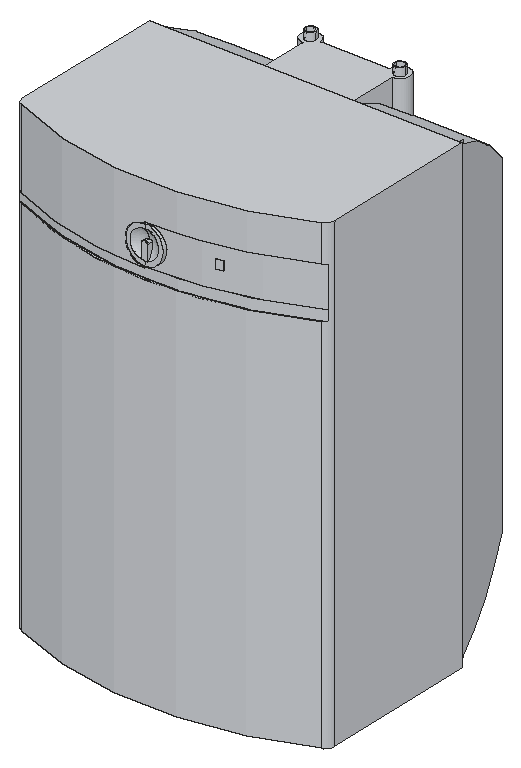
Revit family "VP103UB", category Generic Models, Revit 2013
Parameters (values of type "Zip Varipoint III_ model_VP103UB")
  Wireless (WIFI) = "No"
  Weekly Maintenance (or SFG20 Codes) = ""
  Warranty ID = "Zip Heaters (UK) Ltd warrants that, should any part fail within 12 calendar months of installation"
  Tap Clearance = "N/A"
  Tap Finish = "N/A"
  Shipping Weight = "N/A"
  Responsible Sourcing of Materials = ""
  Responsible Extraction of Materials = ""
  Quarterly Maintenance (or SFG20 Codes) = ""
  Overall Length/Depth/Circumference = "285"
  WRAS Approved = "Yes"
  Power Supply (Voltage) = "230 (V~)"
  URL = "www.zipindustries.co.uk"
  Type Comments = "Direct unvented water heater"
  Supply Phase = "1"
  Shape = "Rectangular"
  O&M Manual (Manufacturer O&M Data) = ""
  Monthly Maintenance (or SFG20 Codes) = ""
  Max. Stored Water Temperature = "80°C"
  Material Ingredient Reporting = ""
  Maintenance Required 8001-12000hrs (Maintenance required in this time frame) = ""
  Maintenance Required 601-1000hrs (Maintenance tasks required in this time frame) = ""
  Maintenance Required 40001-8000hrs (Maintenance tasks required in this time frame) = ""
  Maintenance Required 301-600hrs (Maintenance Tasks required in this time frame) = ""
  Maintenance Required 2001-4000hrs (Maintenance tasks required in this time frame) = ""
  Maintenance Required 1001-2000hrs (Maintenance tasks required in this time frame) = ""
  Maintenance Required 0-300hrs (Maintenance Tasks required in this time frame) = ""
  Location of Manufacturer = ""
  Life Cycle Analysis = ""
  Heat Up Time = "11mins"
  Programmable Safety Features = "No"
  Programmable Function Parameters = "No"
  Product Range = "Wall Mounted"
  Overall Width = "300"
  Overall Height = "452"
  Type = "Direct unvented water heater"
  Net Weight = "6.5kg"
  Internal Filter (if fitted) = "No"
  Gross Weight (When Full) = "16.5kg"
  Green Guide for Specification = ""
  Model = "VP103UB"
  Standby Power Loss (idle mode) = "Not Known"
  Nominal Flow Rate (Boiling) = "N/A"
  Volume Dispensed per hour = "N/A"
  Expected Life = ""
  Environmental Product Declaration = ""
  Energy Technology List = ""
  Embodied Carbon = ""
  Daily Maintenance (or SFG20 Codes) = ""
  Cable Length and size (If Fitted) = ""
  Single Instance Draw off Volume = "N/A"
  Recovery Volume per Minute = "N/A"
  Mains Water Connection = "1/2\" BSP"
  Manufacturer = "Zip Industries(UK) Ltd"
  Keynote = ""
  Mains Water Pressure _ Minimum = "N/A"
  Mains Water Pressure _ Maximum = "0.55 Mpa"
  Mains Pressure Limiting Valve = "offered as accessory"
  Enclosure Rating = "IP24"
  Button Interface = "No"
  Bespoke Timeframe Maintenance (or SFG20 Codes) = ""
  Base Unit Finish = "White impact resistant plastic"
  Backflow Prevention Valve = "N/A"
  Tank Construction Material = "The Tank is constructed from heavy guage copper tested to 1.6MPa (16 bar),\r\nmaximum working pressure 0.55 MPa (5.5 bar"
  Tank Thickness = "N/A"
  Insulation Material = "Heat losses are minimised by high efficiency CFCfree polyurethane foam insulation\r\nthe high efficiency CFC free polyurethane foam insulation.\r\nthe high efficiency CFC free polyurethane foam insulation."
  Power Rating = "2.2 kW"
  Capacity = "10.0L"
  Features = ""
  External Material = "The casing is constructed of impact resistant plastic"
  Description = ""
  Control Thermostat Range = "50°C,  65°C   80°C"
  BMS Links = "No"
  Assembly Code = ""
  Unit Access Clearance right = "N/A"
  Unit Access Clearance Top = "250mm"
  Unit Access Clearance Rear = "N/A"
  Unit Access Clearance Left = "N/A"
  Unit Access Clearance Front = "N/A"
  Unit Access Clearance Bottom = "400mm"
  Annually Maintenance (or SFG20 Codes) = ""
  6 Monthly Maintenance (or SFG20 Codes) = ""
Reference planes
  plane 1 "Center (Front/Back)": y = 0
  plane 2: z = 0
  plane 3 "Center (Left/Right)": x = 0
  plane 4 "qq": z = -84.87
  plane 5 "gg": y = -117.756
  plane 6 "xx": z = -452.25
Forms (mm)
  Extrusion 1, solid
    sketch origin (0, 0, -352.526) x (-1, 0, 0) y (0, -1, 0)
      loop
        line (147, -76.359) -> (-147, -76.359) -> (-115, -167.359) -> (115, -167.359) -> (147, -76.359)
    from -96.683 to 349.276
  Extrusion 2, void
    sketch origin (0, 0, 0) x (0, 1, 0) y (0, 0, 1)
      loop
        arc (76.359, -3.25) -> (125.974, -28.21) -> (167.359, -65.25) r 211.044
        line (167.359, -65.25) -> (167.359, -3.25) -> (76.359, -3.25)
      loop
        line (76.359, -449.208) -> (167.359, -449.208) -> (167.359, -387.25)
        arc (167.359, -387.25) -> (127.932, -427.149) -> (76.359, -449.208) r 145.796
    from -148.207 to 144.256
  Extrusion 3, void
    sketch origin (0, 0, 0) x (1, 0, 0) y (0, 0, 1)
      loop
        line (105, -317.256) -> (-105, -317.256) -> (-105, -365.213) -> (105, -365.213) -> (105, -317.256)
    from -167.359 to -162.359
  Extrusion 4, void
    sketch origin (0, 0, 0) x (1, 0, 0) y (0, 0, 1)
      loop
        line (98.913, -322.256) -> (98.913, -347.256)
        arc (98.913, -347.256) -> (100, -348.342) -> (101.087, -347.256) r 1.087
        line (101.087, -347.256) -> (101.087, -322.256)
        arc (101.087, -322.256) -> (100, -321.169) -> (98.913, -322.256) r 1.087
      loop
        line (-98.913, -347.256) -> (-98.913, -322.256)
        arc (-98.913, -322.256) -> (-100, -321.169) -> (-101.087, -322.256) r 1.087
        line (-101.087, -322.256) -> (-101.087, -347.256)
        arc (-101.087, -347.256) -> (-100, -348.342) -> (-98.913, -347.256) r 1.087
    from -162.359 to -157.359
  Extrusion 5, solid
    sketch origin (0, 0, -352.526) x (-1, 0, 0) y (0, -1, 0)
      loop
        line (43, -76.359) -> (-43, -76.359) -> (-43, -125.859)
        arc (-43, -125.859) -> (-49.718, -142.077) -> (-33.5, -135.359) r 9.5
        line (-33.5, -135.359) -> (33.5, -135.359)
        arc (33.5, -135.359) -> (49.718, -142.077) -> (43, -125.859) r 9.5
        line (43, -125.859) -> (43, -76.359)
    from 306.741 to 349.276
  Extrusion 6, solid
    sketch origin (0, 0, -352.526) x (-1, 0, 0) y (0, -1, 0)
      loop
        circle (42.967, -135.387) r 5.2
      loop
        circle (42.967, -135.387) r 4.283
      loop
        circle (-42.967, -135.387) r 5.2
      loop
        circle (-42.967, -135.387) r 4.283
    from 349.276 to 356.276
  Extrusion 7, solid
    sketch origin (0, 0, -352.526) x (-1, 0, 0) y (0, -1, 0)
      loop
        line (150, -76.359) -> (150, 76.359)
        arc (150, 76.359) -> (148.459, 81.706) -> (144.292, 85.393) r 9.964
        arc (144.292, 85.393) -> (0.008, 117.757) -> (-144.276, 85.393) r 337.807
        arc (-144.276, 85.393) -> (-148.449, 81.707) -> (-150, 76.359) r 9.991
        line (-150, 76.359) -> (-150, -76.359) -> (150, -76.359)
    from -99.724 to 352.526
  Extrusion 8, void
    sketch origin (0, 0, -352.526) x (-1, 0, 0) y (0, -1, 0)
      loop
        arc (144.292, 85.393) -> (0.008, 117.757) -> (-144.276, 85.393) r 337.807
        arc (-144.276, 85.393) -> (-146.591, 83.876) -> (-148.401, 81.782) r 9.991
        arc (-148.401, 81.782) -> (-0.027, 115.905) -> (148.364, 81.854) r 340
        arc (148.364, 81.854) -> (146.572, 83.905) -> (144.292, 85.393) r 9.964
    from 267.276 to 277.276
  Extrusion 9, void
    sketch origin (0, 0, -352.526) x (-1, 0, 0) y (0, -1, 0)
      loop
        arc (-148.401, 81.782) -> (-76.148, 107.255) -> (-0.027, 115.905) r 340
        line (-0.027, 115.905) -> (-0.027, 117.757)
        arc (-0.027, 117.757) -> (-73.944, 109.563) -> (-144.276, 85.393) r 337.807
        arc (-144.276, 85.393) -> (-146.591, 83.876) -> (-148.401, 81.782) r 9.991
    from 267.276 to 317.276
  Extrusion 10, solid
    sketch origin (0, 0, -352.526) x (-1, 0, 0) y (0, -1, 0)
      loop
        line (-62.866, 110.945) -> (-69.349, 109.653) -> (-69.137, 108.59) -> (-62.639, 109.806) -> (-62.866, 110.945)
    from 295.963 to 304.015
  Revolve 11, void
    sketch origin (0, 0, 0) x (0, 1, 0) y (0, 0, 1)
      loop
        line (-107.641, -36.621) -> (-122.141, -36.621) -> (-122.141, -55.25) -> (-107.641, -55.25) -> (-107.641, -36.621)
      axis (-107.641, -55.25) -> (-122.141, -55.25)
    angle from 0 to 360
  Revolve 12, solid
    sketch origin (0, 0, 0) x (0, 1, 0) y (0, 0, 1)
      loop
        line (-107.641, -37.011) -> (-117.641, -37.011) -> (-117.641, -41.514)
        arc (-117.641, -41.514) -> (-113.754, -47.877) -> (-112.641, -55.25) r 18.842
        line (-112.641, -55.25) -> (-107.641, -55.25) -> (-107.641, -37.011)
      axis (-107.641, -55.25) -> (-117.641, -55.25)
    angle from 0 to 360
  Extrusion 13, solid
    sketch origin (0, -117.756, 0) x (0, 0, -1) y (-1, 0, 0)
      loop
        line (68.751, 2.971) -> (53.972, 2.971)
        arc (53.972, 2.971) -> (52.558, 2.385) -> (51.972, 0.971) r 2
        line (51.972, 0.971) -> (51.972, -1.051)
        arc (51.972, -1.051) -> (52.558, -2.465) -> (53.972, -3.051) r 2
        line (53.972, -3.051) -> (68.751, -3.051)
        arc (68.751, -3.051) -> (68.986, -0.04) -> (68.751, 2.971) r 19.345
    from 0 to 6.811
  Extrusion 14, void
    sketch origin (0, 0, -352.526) x (-1, 0, 0) y (0, -1, 0)
      loop
        circle (0, -24.843) r 7.173
      loop
        circle (0, -24.843) r 5.284
      loop
        circle (0, -24.843) r 4.257
    from -99.724 to -87.724
Cuts and joins
  Extrusion 2, Extrusion 3, Extrusion 4 cuts Extrusion 1
  Extrusion 8, Extrusion 9, Revolve 11, Extrusion 14 cuts Extrusion 7
Dimensions and locks
  aligned and locked: level to plane 2
Connectors
  piping at (42.967, 135.387, 3.75)
    settings: on Extrusion 6, index 1, connector radius 7.5 mm, flow factor 0, pipe flow 0.0 L/s, pressure drop 0.0 Pa, fitting loss kfactor 0, connector angle 0.00°, fixture units 0, engagement length 0 mm, flow configuration 0, flow direction 1, fitting loss method 0, system type 20, joint type 0, gender type 0, connector reference index -1, connector utility 0, adjustable connector no, is connector primary yes, fitting loss table "", connector description ""
  piping at (-42.967, 135.387, 3.75)
    settings: on Extrusion 6, index 2, connector radius 7.5 mm, flow factor 0, pipe flow 0.0 L/s, pressure drop 0.0 Pa, fitting loss kfactor 0, connector angle 0.00°, fixture units 0, engagement length 0 mm, flow configuration 0, flow direction 2, fitting loss method 0, system type 19, joint type 0, gender type 0, connector reference index -1, connector utility 0, adjustable connector no, is connector primary no, fitting loss table "", connector description ""
